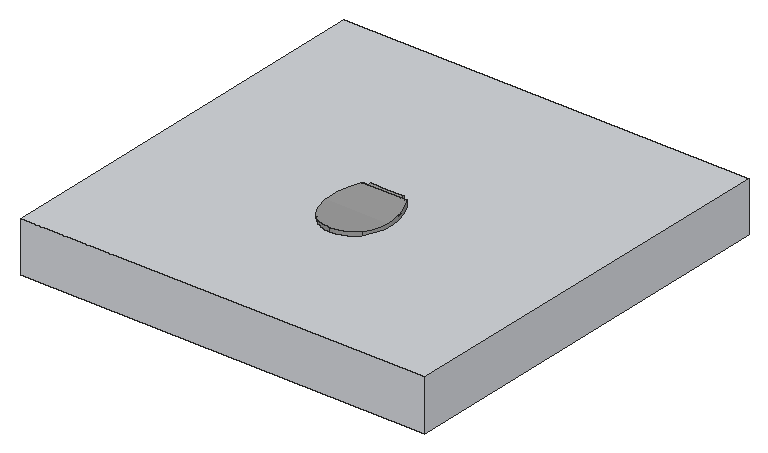
Revit family "ASH_ArmitageShanks_WCSeats_Contour21_S4065", category Plumbing Fixtures, host Face, Revit 2012
Parameters (values of type "S4065RN - Contour 21 Seat & Cover")
  WaterEfficientProduct = no
  WarrantyStartDate [instance] = "1900-12-31-T23:59:59"
  WarrantyGuarantorParts = "Productinfo@thebluebook.co.uk"
  WarrantyGuarantorLabor = "n/a"
  WarrantyDurationUnit = "year"
  WarrantyDurationParts = "5"
  WarrantyDurationLabor = "n/a"
  WarrantyDescription = "Manufacturers Warranty"
  WRAS = no
  WFU = 0
  VolumeUnits = "Litres"
  Version = "2"
  Uniclass2 = "Pr_40_20_93_95"
  URL = "www.idealspec.co.uk"
  Type Comments = "n/a"
  TagNumber [instance] = "n/a"
  SustainabilityPerformance = "n/a"
  SpareParts = "www.fastpart-spares.co.uk"
  Space = "Internal"
  Size = "410 x 380 x 45 mm"
  Shape = "Ring"
  SerialNumber [instance] = "n/a"
  SeatType = "RingSeat"
  SeatMaterial = "Plastic"
  SeatHasCover = yes
  SeatColor = "White"
  Revision = "n/a"
  ReplacementCost = "n/a"
  ProductInformation = "www.idealspec.co.uk/assets/datasheet/S406501"
  Phone = "01543 490253"
  NominalWidth = 380 mm
  NominalLength = 409.101 mm
  NominalHeight = 45.376 mm
  NominalDepth = NominalLength  # 409.101 mm
  NettWeight = "1.5Kg"
  Name = "WCSeats_Contour21-Seat&Cover-S4065_ArmitageShanks"
  NBSTypeID = "n/a"
  NBSReference = "45-35-70/391"
  NBSOfficeMasterTag = "n/a"
  NBSNote = "n/a"
  NBSDescription = "WC seats and covers"
  NBSCertification = "n/a"
  ModelReference = "Contour 21 seat and cover, top fixing hinges"
  ModelNumber = "S4065RN"
  Model = "S4065RN"
  Material = "Plastic"
  ManufacturerURL = "www.idealspec.co.uk"
  Manufacturer = "Productinfo@thebluebook.co.uk"
  LinearUnits = "millimeters"
  InstallationInstructions = "www.idealspec.co.uk/resources.html"
  InstallationDate [instance] = "1900-12-31-T23:59:59"
  IfcExportType = "WCSEAT"
  IfcExportAs = "IfcSanitaryTerminalType"
  Help = "www.idealspec.co.uk/contact-us.html"
  HWFU = 0
  GrossWeight = "n/a"
  Grade = "n/a"
  Finish = "Charcoal RN"
  Features = "Seat & cover, top fixing hinges"
  ExpectedLife = "15"
  ECA = no
  DurationUnit = "year"
  DistributedBy = "n/a"
  Description = "Contour 21 seat and cover, top fixing hinges"
  Default Elevation = 0 mm
  CurrencyUnit = "n/a"
  CreatedOn = "2014-10-09"
  Constituents = "n/a"
  ConnectionType = "Mechanical"
  SeatSKU = ASH_ArmitageShanks _WC_CharcoalRN_Render
  Color = "n/a"
  CodePerformance = "DDA Compliant"
  Category = "n/a"
  CWFU = 0
  Brand = "Armitage Shanks"
  BarCode [instance] = "5017830382614"
  BIMObjectName = "ASH_ArmitageShanks_WCSeats_Contour21-Seat&Cover_S4065RN"
  Author = "Ideal Standard (UK) Ltd"
  AssetType = "Fixed"
  AssetIdentifier [instance] = "n/a"
  Assembly Code = "C1030200"
  AreaUnits = "millimeters"
  AreaMeasurement = "n/a"
  Accessories = "www.idealspec.co.uk"
  AccessibilityPerformance = "DDA Compliant"
Types (4, lengths in mm): name | Size | ModelNumber | Model | Finish | SeatSKU | BarCode | BIMObjectName
  S406501 - Contour 21 Seat & Cover | "x x mm" | "S406501" | "S406501" | "White 01" | ASH_ArmitageShanks _WC_White2_Render | "5017830382454" | "ASH_ArmitageShanks_WCSeats_Contour21-Seat&Cover_S406501"
  S4065LJ - Contour 21 Seat & Cover | "x x mm" | "S4065LJ" | "S4065LJ" | "Grey LJ" | ASH_ArmitageShanks _WC_GreyLJ_Render | "5017830382607" | "ASH_ArmitageShanks_WCSeats_Contour21-Seat&Cover_S4065LJ"
  S406536 - Contour 21 Seat & Cover | "x x mm" | "S406536" | "S406536" | "Blue 36" | ASH_ArmitageShanks _WC_Blue36_Render | "5017830382591" | "ASH_ArmitageShanks_WCSeats_Contour21-Seat&Cover_S4065"
  S4065RN - Contour 21 Seat & Cover | "410 x 380 x 45 mm" | "S4065RN" | "S4065RN" | "Charcoal RN" | ASH_ArmitageShanks _WC_CharcoalRN_Render | "5017830382614" | "ASH_ArmitageShanks_WCSeats_Contour21-Seat&Cover_S4065RN"
Reference planes
  plane 1 "Center (Front/Back)": y = 0
  plane 2: z = 0
  plane 3 "Center (Left/Right)": x = 0
  plane 4: z = 117.5
  plane 5: x = 190
  plane 6: z = 40
  plane 7: x = -190
Forms (mm)
  Extrusion 1, solid
    sketch origin (0, 0, 0) x (1, 0, 0) y (0, 1, 0)
      loop
        line (-1219.2, 1219.2) -> (-1219.2, -1219.2) -> (1219.2, -1219.2) -> (1219.2, 1219.2) -> (-1219.2, 1219.2)
    from 0 to -304.8
  Extrusion 2, solid, material "ASH_ArmitageShanks _WC_CharcoalRN_Render" <- "SeatSKU", detail levels medium+fine
    sketch origin (0, 0, 0) x (1, 0, 0) y (0, 1, 0)
      loop
        arc (-138.357, -4.575) -> (-187.993, -174.575) -> (-138.357, -344.575) r 315.939
        arc (-138.357, -344.575) -> (-76.498, -392.531) -> (0, -409.092) r 176.858
        arc (0, -409.092) -> (76.498, -392.531) -> (138.357, -344.575) r 176.858
        arc (138.357, -344.575) -> (187.993, -174.575) -> (138.357, -4.575) r 315.939
        arc (138.357, -4.575) -> (132.499, -1.054) -> (125.746, 0) r 17.8
        line (125.746, 0) -> (97.534, 0) -> (97.534, 22.226) -> (0, 22.226) -> (-97.534, 22.226) -> (-97.534, 0) -> (-125.746, 0)
        arc (-125.746, 0) -> (-132.499, -1.054) -> (-138.357, -4.575) r 17.8
    from 0 to 40
  Extrusion 3, void
    sketch origin (190, 108.042, 1219.2) x (0, -1, 0) y (0, 0, 1)
      loop
        arc (75.665, -1173.824) -> (318.595, -1198.682) -> (562.723, -1192.78) r 1937.176
        line (562.723, -1192.78) -> (562.723, -1173.824) -> (75.665, -1173.824)
    from 0 to 380
Cuts and joins
  Extrusion 3 cuts Extrusion 2
Dimensions and locks
  locked: plane 4 to Extrusion 1 at 117.5
  "NominalLength": cut or joined group of Extrusion 2, Extrusion 3 to plane 1 "Center (Front/Back)"
  "NominalWidth": plane 7 to plane 5
  cut or joined group of Extrusion 2, Extrusion 3 to Extrusion 1 = 22.974 mm
  aligned and locked: plane 2 to Extrusion 1
  aligned and locked: level to Extrusion 1
  aligned and locked: plane 6 to cut or joined group of Extrusion 2, Extrusion 3
Automatic sketch dimensions
  Extrusion 1 sketch curve to Extrusion 1 sketch curve = 2438.4 mm  (x2)
  plane 1 "Center (Front/Back)" to Extrusion 2 sketch curve = 0 mm  (x2)
  Extrusion 2 sketch curve to plane 3 "Center (Left/Right)" = 0 mm
  Extrusion 2 sketch curve to plane 3 "Center (Left/Right)" = 1.755 mm
  Extrusion 2 sketch curve to plane 1 "Center (Front/Back)" = 22.226 mm
  Extrusion 2 sketch curve to plane 7 = 92.466 mm
  Extrusion 2 sketch curve to Extrusion 2 sketch curve = 28.212 mm  (x2)
  Extrusion 2 sketch curve to Extrusion 2 sketch curve = 0.682 mm  (x2)
  Extrusion 2 sketch curve to plane 7 = 62.053 mm
  Extrusion 2 sketch curve to plane 7 = 51.643 mm
  plane 1 "Center (Front/Back)" to Extrusion 2 sketch curve = 4.575 mm  (x2)
  Extrusion 2 sketch curve to Extrusion 2 sketch curve = 12.611 mm  (x2)
  plane 3 "Center (Left/Right)" to Extrusion 2 sketch curve = 0 mm
  plane 3 "Center (Left/Right)" to Extrusion 2 sketch curve = 1.755 mm
  Extrusion 2 sketch curve to plane 5 = 92.466 mm
  Extrusion 2 sketch curve to plane 5 = 62.053 mm
  Extrusion 2 sketch curve to plane 5 = 51.643 mm
  Extrusion 2 sketch curve to Extrusion 2 sketch curve = 156.789 mm  (x2)
  Extrusion 2 sketch curve to Extrusion 2 sketch curve = 57.668 mm
  plane 6 to Extrusion 3 sketch curve = 5.376 mm
  Extrusion 3 sketch curve to plane 1 "Center (Front/Back)" = 32.377 mm
  plane 1 "Center (Front/Back)" to Extrusion 3 sketch curve = 285.89 mm
  Extrusion 3 sketch curve to plane 6 = 13.58 mm
  plane 1 "Center (Front/Back)" to Extrusion 3 sketch curve = 454.681 mm
